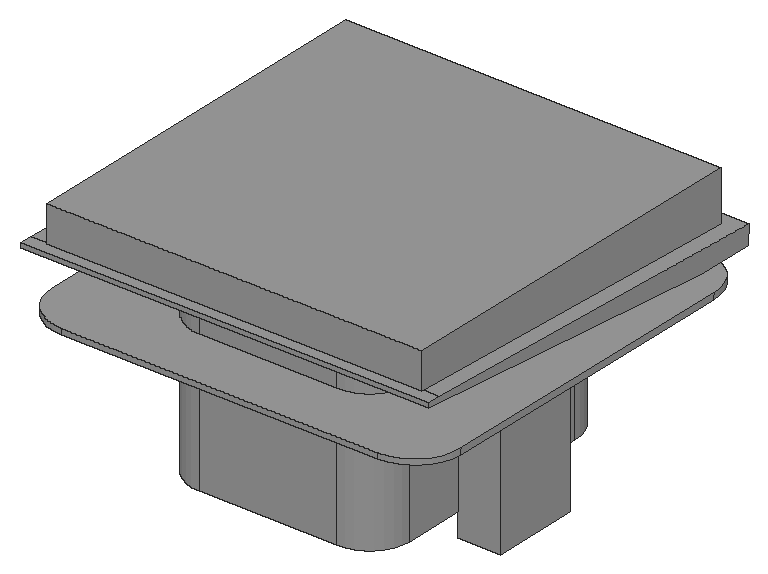
Revit family "Gira_126167", category Electrical Fixtures, host Face, Revit 2017
Family settings
  Host = Face
  Maintain Annotation Orientation = Yes
  Round Connector Dimension = Use Diameter
  Part Type = Normal
  Cut with Voids When Loaded = No
  Shared = No
  Room Calculation Point = No
Parameters (values of type "Door st. 3-g FM Gira TX_44 (WP FM) anthra.")
  With info label = "Yes"
  With cover = "Yes"
  With camera = "No"
  URL = "http://katalog.gira.de/en/datenblatt.html?artikelnr=126167"
  Protection against vandalism = "Yes"
  Number of call buttons = "3"
  Name = "Door st. 3-g FM Gira TX_44 (WP FM) anthra."
  Mounting method = "Flush mounted (plaster)"
  Modular construction = "Yes"
  Manufacturer URL = "https://www.gira.de/"
  Manufacturer = "Gira"
  Keynote = ""
  Installation technique = "Bus system"
  HeinzeBIM = "https://bimportal.heinze.de/bim/door-st-3-g-fm-gira-tx-44-wp-fm-anthra-/b7136c531474c9e03bcdd3313f3a8a6ee01c817f"
  HAN = "126167"
  GTIN = "4010337261674"
  Description = "Door st.3g FM TX_44 AN,Door station, 3-gang,,anthracite,Features:,- Installation in a conventional flush-mounted device box.,- Fits in the cover frames of the Gira TX_44 switch range.,- Modular design, therefore easy installation and expandability with further components such as call buttons, info module, colour camera, Keyless In.,- Signal transmission and supply of the audio and video components via reverse-polarity-protected and short-circuit-proof 2-wire bus.,- One-man start-up with easy start-up procedure.,- Weather-resistant speaker.,- High-quality electret microphone.,- Speakerphone function (voice-controlled talk-back with echo and background noise suppression).,- Call button LED lamps, white light. Even, clearly visible call-button illumination is achieved via maintenance-free, energy-saving LED technology.,- Audible acknowledgement signal when a call button is pressed.,- Adjustable voice volume.,- Sprayed-water proof call-button cover plate made of shock-resistant plastic.,- Name plate of the call button can be exchanged without tools and without frame disassembly.,- Professional labelling is available from the Gira Inscription Service www.marking.gira.com or using the Gira inscription software.,- Binary input for connecting a zero-voltage push button (NO contact) as a call button.,- Call button, 3-gang,,Notes :,- If only two call buttons are required, please use the call-button cover plate for 3-gang buttons."
  Default Elevation = 1219.2 mm
  Data sheet (1) = "https://katalog.gira.de/en/download.html?artikelnr=126167"
  Colour = "Anthracite"
  Category = "Door station door communication"
  BIM (1) = "https://media.stage.bim.site/public/gira/36a6b08/TX44_Komplettgerät_Schalten und Tasten.rfa?public/gira/36a6b08/TX44_Komplettgerät_Schalten und Tasten.rfa"
  Available = "No"
Reference planes
  plane 1 "Center (Front/Back)": y = 0
  plane 2 "Reference Level 0": z = 0
  plane 3 "Center (Left/Right)": x = 0
  plane 4: z = -28.6
Forms (mm)
  Extrusion 1, solid, material "Default", detail levels fine
    sketch origin (0, 0, 0) x (1, 0, 0) y (0, 1, 0)
      loop
        line (-32.604, 32.5) -> (-32.604, -32.5) -> (32.735, -32.5) -> (32.735, 32.5) -> (-32.604, 32.5)
    from 0 to 12.3
  Extrusion 2, solid, material "Default", detail levels fine
    sketch origin (0, 0, 0) x (0, 1, 0) y (0, 0, 1)
      loop
        line (35, 3.483) -> (-32.2, 6) -> (-34.55, 6) -> (-34.536, 5.199) -> (24.886, 0) -> (34.939, 0) -> (35, 3.483)
    from -35.5 to 35.5
  Extrusion 3, void
    sketch origin (0, 0, 0) x (0, 1, 0) y (0, 0, 1)
      loop
        line (42.419, 3.205) -> (-32.2, 6) -> (-42.193, 6) -> (-42.193, -11.826) -> (42.419, -11.826) -> (42.419, 3.205)
    from -64.194 to 61.264
  Extrusion 4, solid, material "Default", detail levels fine
    sketch origin (0, 0, 0) x (1, 0, 0) y (0, 1, 0)
      loop
        arc (35.5, 27.5) -> (33.157, 33.157) -> (27.5, 35.5) r 8
        line (27.5, 35.5) -> (-27.5, 35.5)
        arc (-27.5, 35.5) -> (-33.157, 33.157) -> (-35.5, 27.5) r 8
        line (-35.5, 27.5) -> (-35.5, -27.5)
        arc (-35.5, -27.5) -> (-33.157, -33.157) -> (-27.5, -35.5) r 8
        line (-27.5, -35.5) -> (27.5, -35.5)
        arc (27.5, -35.5) -> (33.157, -33.157) -> (35.5, -27.5) r 8
        line (35.5, -27.5) -> (35.5, 27.5)
    from -4.1 to -5.1
  Extrusion 5, solid, material "Default", detail levels fine
    sketch origin (0, 0, 0) x (1, 0, 0) y (0, 1, 0)
      loop
        arc (-12, 25) -> (-16.95, 22.95) -> (-19, 18) r 7
        line (-19, 18) -> (-19, -18)
        arc (-19, -18) -> (-16.95, -22.95) -> (-12, -25) r 7
        line (-12, -25) -> (12, -25)
        arc (12, -25) -> (16.95, -22.95) -> (19, -18) r 7
        line (19, -18) -> (19, 18)
        arc (19, 18) -> (16.95, 22.95) -> (12, 25) r 7
        line (12, 25) -> (-12, 25)
    from 4.692 to -28.6
  Extrusion 6, solid, material "Default", detail levels fine
    sketch origin (0, 0, 0) x (1, 0, 0) y (0, 1, 0)
      loop
        line (-26.5, -7.5) -> (-19, -7.5) -> (-19, 7.5) -> (-26.5, 7.5) -> (-26.5, -7.5)
    from -5.1 to -32.6
  Extrusion 7, solid, material "Default", detail levels fine
    sketch origin (0, 0, 0) x (-1, 0, 0) y (0, -1, 0)
      loop
        line (-26.5, 7.5) -> (-26.5, -7.5) -> (-19, -7.5) -> (-19, 7.5) -> (-26.5, 7.5)
    from -5.1 to -32.6
  Extrusion 8, solid, material "Default", detail levels medium
    sketch origin (0, 0, 0) x (1, 0, 0) y (0, 1, 0)
      loop
        line (-32.604, 32.5) -> (-32.604, -32.5) -> (32.735, -32.5) -> (32.735, 32.5) -> (-32.604, 32.5)
    from 0 to 12.3
  Extrusion 9, solid, material "Default", detail levels medium
    sketch origin (0, 0, 0) x (0, 1, 0) y (0, 0, 1)
      loop
        line (35, 3.483) -> (-32.2, 6) -> (-34.55, 6) -> (-34.445, 0) -> (34.939, 0) -> (35, 3.483)
    from -35.5 to 35.5
  Extrusion 10, solid, material "Default", detail levels medium
    sketch origin (0, 0, 0) x (1, 0, 0) y (0, 1, 0)
      loop
        line (-26.5, 25) -> (-26.5, -25) -> (26.5, -25) -> (26.5, 25) -> (-26.5, 25)
    from 4.692 to -32.6
  Extrusion 11, solid, material "Default", detail levels medium
    sketch origin (0, 0, 0) x (1, 0, 0) y (0, 1, 0)
      loop
        line (35.5, 35.5) -> (-35.5, 35.5) -> (-35.5, -35.5) -> (35.5, -35.5) -> (35.5, 35.5)
    from -4.1 to -5.1
  Extrusion 12, solid, material "Default", detail levels coarse
    sketch origin (0, 0, 0) x (1, 0, 0) y (0, 1, 0)
      loop
        line (35.5, 35.5) -> (-35.5, 35.5) -> (-35.5, -35.5) -> (35.5, -35.5) -> (35.5, 35.5)
    from -32.6 to 12.3
Cuts and joins
  Extrusion 3 cuts Extrusion 1
  joined: Extrusion 1, Extrusion 2, Extrusion 4, Extrusion 5, Extrusion 6, Extrusion 7
Dimensions and locks
  Extrusion 12 to Extrusion 12 = 44.9 mm
  aligned and locked: plane 2 "Reference Level 0" to host face
  aligned and locked: level to host face
  aligned and locked: plane 3 "Center (Left/Right)" to nested 1
  aligned and locked: plane 1 "Center (Front/Back)" to nested 1
Nested families
  nested 1: "Schalter" at (0, 0, 0), type "Schalter"
Connectors
  electrical at (0, 0, -32.6)
    settings: on Extrusion 12, index 1, voltage 220 V, apparent load 0 VA, apparent load phase1 0 VA, apparent load phase2 0 VA, apparent load phase3 0 VA, power factor 1, load classification "Other", number of poles 1, system type 30, power factor state 1, is connector primary yes, connector utility no, sub classification motor no, connector description ""
Definition of nested family "Schalter"
  Reference planes
    plane 1: y = 0
    plane 2: x = 0
  Lines and regions (mm)
    detail lines
      curve 1: circle (1.375, 2.778, 0) r 0.8 normal (0, 0, 1)
      curve 2: line (1.021, 2.061, 0) -> (0, 0, 0)
      curve 3: line (0, 0, 0) -> (-0.538, 0.266, 0)
  Dimensions and locks
    curve 2 to curve 2 = 2.3 mm
    curve 3 to curve 2 = 0.6 mm
    radius of curve 1 = 0.8 mm
